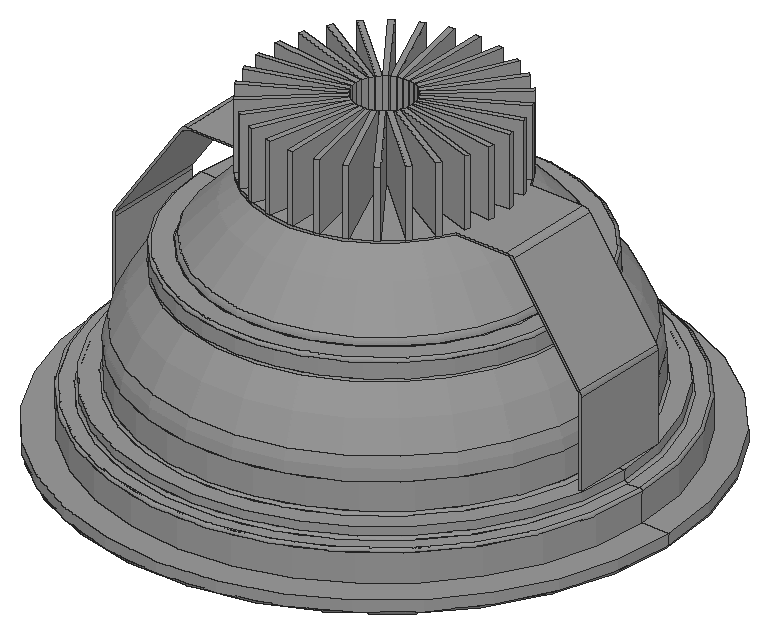
Revit family "ALL2_63_UN_Downlighter_ETK", category Lighting Fixtures, Revit 2017
Family settings
  Round Connector Dimension = Use Diameter
  Part Type = Normal
  OmniClass Number = 23.80.70.11.14.11
  OmniClass Title = Downlights
  Work Plane-Based = No
  Always vertical = Yes
  Cut with Voids When Loaded = No
  Light Source = No
  Shared = No
  Room Calculation Point = Yes
Parameters (values of type "ALL.2100.15 - 19W / 2100lm / 3000K")
  Wattage Comments = "19W"
  Voltage = 230 V
  URL = "https://www.etk.nl/?___store=en&___from_store=en"
  Symbol_Waterproof [instance] = no
  Symbol_Emergency Lighting [instance] = no
  Switch Code [instance] = ""
  Model = "ALL.2"
  Manufacturer = "ETK B.V."
  Luminaire_Ring_Material = PPS Plastic
  Luminaire_Body_Material = Aluminum 7175 T73 0 Hot Formed
  Luminaire Code [instance] = ""
  Light Source = ALL.2 - Lightsource : ALL.2100.15 - 19W / 2100lm / 3000k
  Lamp = "LED"
  IfcExportType = "USERDEFINED"
  IfcExportAs = "IfcLightFixtureType"
  Description = "Downlighter"
  Copyright © IVLighting = "www.ivlighting.nl"
  Bundle = "70°"
  Assembly Code = "63.0"
  Apparent Load = 19 VA
Types (17, lengths in mm): name | Wattage Comments | Light Source | Apparent Load
  (no name) | "19W" | ALL.2 - Lightsource : ALL.2100.15 - 19W / 2100lm / 3000k | 19 VA
  ALL.2100.15 - 19W / 2100lm / 3000K | "19W" | ALL.2 - Lightsource : ALL.2100.15 - 19W / 2100lm / 3000k | 19 VA
  ALL.2200.15 - 19W / 2200lm / 4000K | "19W" | ALL.2 - Lightsource : ALL.2200.15 - 19W / 2200lm / 4000k | 19 VA
  ALL.2300.15 - 24W / 2700lm / 3000K | "24W" | ALL.2 - Lightsource : ALL.2300.15 - 24W / 2700lm / 3000k | 24 VA
  ALL.2400.15 - 24W / 2800lm / 4000K | "24W" | ALL.2 - Lightsource : ALL.2400.15 - 24W / 2800lm / 4000k | 24 VA
  ALL.2103.15 - 19W / 2100lm / 3000K | "19W" | ALL.2 - Lightsource : ALL.2103.15 - 19W / 2100lm / 3000k | 19 VA
  ALL.2203.15 - 19W / 2200lm / 4000K | "19W" | ALL.2 - Lightsource : ALL.2203.15 - 19W / 2200lm / 4000k | 19 VA
  ALL.2303.15 - 24W / 2700lm / 3000K | "24W" | ALL.2 - Lightsource : ALL.2303.15 - 24W / 2700lm / 3000k | 24 VA
  ALL.2403.15 - 24W / 2800lm / 4000K | "24W" | ALL.2 - Lightsource : ALL.2403.15 - 24W / 2800lm / 4000k | 24 VA
  ALL.2110.15 - 19W / 2100lm / 3000K | "19W" | ALL.2 - Lightsource : ALL.2110.15 - 19W / 2100lm / 3000k | 19 VA
  ALL.2210.15 - 19W / 2200lm / 4000K | "19W" | ALL.2 - Lightsource : ALL.2210.15 - 19W / 2200lm / 4000k | 19 VA
  ALL.2310.15 - 24W / 2700lm / 3000K | "24W" | ALL.2 - Lightsource : ALL.2310.15 - 24W / 2700lm / 3000k | 24 VA
  ALL.2410.15 - 24W / 2800lm / 4000K | "24W" | ALL.2 - Lightsource : ALL.2410.15 - 24W / 2800lm / 4000k | 24 VA
  ALL.2113.15 - 19W / 2100lm / 3000K | "19W" | ALL.2 - Lightsource : ALL.2113.15 - 19W / 2100lm / 3000k | 19 VA
  ALL.2213.15 - 19W / 2200lm / 4000K | "19W" | ALL.2 - Lightsource : ALL.2213.15 - 19W / 2200lm / 4000k | 19 VA
  ALL.2313.15 - 24W / 2700lm / 3000K | "24W" | ALL.2 - Lightsource : ALL.2313.15 - 24W / 2700lm / 3000k | 24 VA
  ALL.2413.15 - 24W / 2800lm / 4000K | "24W" | ALL.2 - Lightsource : ALL.2413.15 - 24W / 2800lm / 4000k | 24 VA
Reference planes
  plane 1 "Center (Front/Back)": y = 0
  plane 2: z = 0
  plane 3 "Center (Left/Right)": x = 0
Forms (mm)
  Revolve 1, solid, material "PPS Plastic" <- "Luminaire_Ring_Material"
    sketch origin (0, 0, 0) x (1, 0, 0) y (0, 0, 1)
      loop
        line (-108.916, 0) -> (-108.916, -4.099)
        arc (-108.916, -4.099) -> (-108.406, -4.931) -> (-107.486, -5.258) r 1.461
        line (-107.486, -5.258) -> (-97.804, -5.258) -> (-97.804, 0) -> (-108.916, 0)
      axis (0, 0) -> (0, -5.258)
    angle from 0 to 360
  Revolve 2, solid, material "Aluminum 7175 T73 0 Hot Formed" <- "Luminaire_Body_Material"
    sketch origin (0, 0, 0) x (1, 0, 0) y (0, 0, 1)
      loop
        line (-98.741, 0) -> (-97.8, 0) -> (-97.8, 10.593) -> (-90.959, 10.593) -> (-90.959, 14.711) -> (-83.412, 14.711) -> (-83.412, 30.415)
        arc (-83.412, 30.415) -> (-77.825, 42.741) -> (-69.855, 53.677) r 66.418
        line (-69.855, 53.677) -> (-69.855, 60.129) -> (-63.553, 60.129) -> (0, 60.129) -> (0, 61.129) -> (-63.553, 61.129) -> (-69.836, 61.129)
        arc (-69.836, 61.129) -> (-70.557, 60.83) -> (-70.855, 60.109) r 1.02
        line (-70.855, 60.109) -> (-70.855, 54.484)
        arc (-70.855, 54.484) -> (-70.927, 54.088) -> (-71.134, 53.743) r 1.124
        arc (-71.134, 53.743) -> (-77.774, 44.767) -> (-82.842, 34.818) r 67.418
        arc (-82.842, 34.818) -> (-84.016, 30.901) -> (-84.412, 26.83) r 21.103
        line (-84.412, 26.83) -> (-84.412, 16.663)
        arc (-84.412, 16.663) -> (-84.691, 15.989) -> (-85.364, 15.711) r 0.952
        line (-85.364, 15.711) -> (-91.959, 15.711) -> (-91.959, 12.616)
        arc (-91.959, 12.616) -> (-92.258, 11.893) -> (-92.981, 11.593) r 1.022
        line (-92.981, 11.593) -> (-97.697, 11.593)
        arc (-97.697, 11.593) -> (-98.435, 11.287) -> (-98.741, 10.549) r 1.045
        line (-98.741, 10.549) -> (-98.741, 0)
      axis (0, 61.129) -> (0, 0)
    angle from 0 to 360
  Revolve 3, solid, material "Aluminum 7175 T73 0 Hot Formed" <- "Luminaire_Body_Material"
    sketch origin (0, 0, 0) x (1, 0, 0) y (0, 0, 1)
      loop
        arc (-36.339, 86.471) -> (-49.965, 76.024) -> (-61.793, 63.579) r 109.701
        arc (-61.793, 63.579) -> (-62.487, 62.326) -> (-62.707, 60.91) r 4.094
        line (-62.707, 60.91) -> (0, 60.91) -> (0, 86.471) -> (-36.339, 86.471)
      axis (0, 86.471) -> (0, 60.91)
    angle from 0 to 360
  Extrusion 4, solid, material "Aluminum 7175 T73 0 Hot Formed" <- "Luminaire_Body_Material"
    sketch origin (0, 0, 0) x (1, 0, 0) y (0, 1, 0)
      loop
        circle (0, 0) r 45
    from 86.471 to 87.3
  Extrusion 5, solid, material "UHMW, Black"
    sketch origin (0, 0, 195.137) x (-1, 0, 0) y (0, -1, 0)
      loop
        line (-0.938, -10.632) -> (-0.938, -44.99)
        arc (-0.938, -44.99) -> (0, -45) -> (0.938, -44.99) r 45
        line (0.938, -44.99) -> (0.938, -10.681)
        arc (0.938, -10.681) -> (0, -10.671) -> (-0.938, -10.632) r 29.304
    from -107.837 to -82.548
  Extrusion 6, solid, material "UHMW, Black"
    sketch origin (0, 0, 195.137) x (-0.978148, -0.207912, 0) y (0.207912, -0.978148, 0)
      loop
        line (-0.938, -10.632) -> (-0.938, -44.99)
        arc (-0.938, -44.99) -> (0, -45) -> (0.938, -44.99) r 45
        line (0.938, -44.99) -> (0.938, -10.681)
        arc (0.938, -10.681) -> (0, -10.671) -> (-0.938, -10.632) r 29.304
    from -107.837 to -82.548
  Extrusion 7, solid, material "UHMW, Black"
    sketch origin (0, 0, 195.137) x (-0.978148, 0.207912, 0) y (-0.207912, -0.978148, 0)
      loop
        line (-0.938, -10.632) -> (-0.938, -44.99)
        arc (-0.938, -44.99) -> (0, -45) -> (0.938, -44.99) r 45
        line (0.938, -44.99) -> (0.938, -10.681)
        arc (0.938, -10.681) -> (0, -10.671) -> (-0.938, -10.632) r 29.304
    from -107.837 to -82.548
  Extrusion 8, solid, material "UHMW, Black"
    sketch origin (0, 0, 195.137) x (-0.913545, 0.406737, 0) y (-0.406737, -0.913545, 0)
      loop
        line (-0.938, -10.632) -> (-0.938, -44.99)
        arc (-0.938, -44.99) -> (0, -45) -> (0.938, -44.99) r 45
        line (0.938, -44.99) -> (0.938, -10.681)
        arc (0.938, -10.681) -> (0, -10.671) -> (-0.938, -10.632) r 29.304
    from -107.837 to -82.548
  Extrusion 9, solid, material "UHMW, Black"
    sketch origin (0, 0, 195.137) x (-0.809017, 0.587785, 0) y (-0.587785, -0.809017, 0)
      loop
        line (-0.938, -10.632) -> (-0.938, -44.99)
        arc (-0.938, -44.99) -> (0, -45) -> (0.938, -44.99) r 45
        line (0.938, -44.99) -> (0.938, -10.681)
        arc (0.938, -10.681) -> (0, -10.671) -> (-0.938, -10.632) r 29.304
    from -107.837 to -82.548
  Extrusion 10, solid, material "UHMW, Black"
    sketch origin (0, 0, 195.137) x (-0.669131, 0.743145, 0) y (-0.743145, -0.669131, 0)
      loop
        line (-0.938, -10.632) -> (-0.938, -44.99)
        arc (-0.938, -44.99) -> (0, -45) -> (0.938, -44.99) r 45
        line (0.938, -44.99) -> (0.938, -10.681)
        arc (0.938, -10.681) -> (0, -10.671) -> (-0.938, -10.632) r 29.304
    from -107.837 to -82.548
  Extrusion 11, solid, material "UHMW, Black"
    sketch origin (0, 0, 195.137) x (-0.5, 0.866025, 0) y (-0.866025, -0.5, 0)
      loop
        line (-0.938, -10.632) -> (-0.938, -44.99)
        arc (-0.938, -44.99) -> (0, -45) -> (0.938, -44.99) r 45
        line (0.938, -44.99) -> (0.938, -10.681)
        arc (0.938, -10.681) -> (0, -10.671) -> (-0.938, -10.632) r 29.304
    from -107.837 to -82.548
  Extrusion 12, solid, material "UHMW, Black"
    sketch origin (0, 0, 195.137) x (-0.309017, 0.951057, 0) y (-0.951057, -0.309017, 0)
      loop
        line (-0.938, -10.632) -> (-0.938, -44.99)
        arc (-0.938, -44.99) -> (0, -45) -> (0.938, -44.99) r 45
        line (0.938, -44.99) -> (0.938, -10.681)
        arc (0.938, -10.681) -> (0, -10.671) -> (-0.938, -10.632) r 29.304
    from -107.837 to -82.548
  Extrusion 13, solid, material "UHMW, Black"
    sketch origin (0, 0, 195.137) x (-0.104528, 0.994522, 0) y (-0.994522, -0.104528, 0)
      loop
        line (-0.938, -10.632) -> (-0.938, -44.99)
        arc (-0.938, -44.99) -> (0, -45) -> (0.938, -44.99) r 45
        line (0.938, -44.99) -> (0.938, -10.681)
        arc (0.938, -10.681) -> (0, -10.671) -> (-0.938, -10.632) r 29.304
    from -107.837 to -82.548
  Extrusion 14, solid, material "UHMW, Black"
    sketch origin (0, 0, 195.137) x (0.104528, 0.994522, 0) y (-0.994522, 0.104528, 0)
      loop
        line (-0.938, -10.632) -> (-0.938, -44.99)
        arc (-0.938, -44.99) -> (0, -45) -> (0.938, -44.99) r 45
        line (0.938, -44.99) -> (0.938, -10.681)
        arc (0.938, -10.681) -> (0, -10.671) -> (-0.938, -10.632) r 29.304
    from -107.837 to -82.548
  Extrusion 15, solid, material "UHMW, Black"
    sketch origin (0, 0, 195.137) x (0.309017, 0.951057, 0) y (-0.951057, 0.309017, 0)
      loop
        line (-0.938, -10.632) -> (-0.938, -44.99)
        arc (-0.938, -44.99) -> (0, -45) -> (0.938, -44.99) r 45
        line (0.938, -44.99) -> (0.938, -10.681)
        arc (0.938, -10.681) -> (0, -10.671) -> (-0.938, -10.632) r 29.304
    from -107.837 to -82.548
  Extrusion 16, solid, material "UHMW, Black"
    sketch origin (0, 0, 195.137) x (0.5, 0.866025, 0) y (-0.866025, 0.5, 0)
      loop
        line (-0.938, -10.632) -> (-0.938, -44.99)
        arc (-0.938, -44.99) -> (0, -45) -> (0.938, -44.99) r 45
        line (0.938, -44.99) -> (0.938, -10.681)
        arc (0.938, -10.681) -> (0, -10.671) -> (-0.938, -10.632) r 29.304
    from -107.837 to -82.548
  Extrusion 17, solid, material "UHMW, Black"
    sketch origin (0, 0, 195.137) x (0.669131, 0.743145, 0) y (-0.743145, 0.669131, 0)
      loop
        line (-0.938, -10.632) -> (-0.938, -44.99)
        arc (-0.938, -44.99) -> (0, -45) -> (0.938, -44.99) r 45
        line (0.938, -44.99) -> (0.938, -10.681)
        arc (0.938, -10.681) -> (0, -10.671) -> (-0.938, -10.632) r 29.304
    from -107.837 to -82.548
  Extrusion 18, solid, material "UHMW, Black"
    sketch origin (0, 0, 195.137) x (0.809017, 0.587785, 0) y (-0.587785, 0.809017, 0)
      loop
        line (-0.938, -10.632) -> (-0.938, -44.99)
        arc (-0.938, -44.99) -> (0, -45) -> (0.938, -44.99) r 45
        line (0.938, -44.99) -> (0.938, -10.681)
        arc (0.938, -10.681) -> (0, -10.671) -> (-0.938, -10.632) r 29.304
    from -107.837 to -82.548
  Extrusion 19, solid, material "UHMW, Black"
    sketch origin (0, 0, 195.137) x (0.913545, 0.406737, 0) y (-0.406737, 0.913545, 0)
      loop
        line (-0.938, -10.632) -> (-0.938, -44.99)
        arc (-0.938, -44.99) -> (0, -45) -> (0.938, -44.99) r 45
        line (0.938, -44.99) -> (0.938, -10.681)
        arc (0.938, -10.681) -> (0, -10.671) -> (-0.938, -10.632) r 29.304
    from -107.837 to -82.548
  Extrusion 20, solid, material "UHMW, Black"
    sketch origin (0, 0, 195.137) x (0.978148, 0.207912, 0) y (-0.207912, 0.978148, 0)
      loop
        line (-0.938, -10.632) -> (-0.938, -44.99)
        arc (-0.938, -44.99) -> (0, -45) -> (0.938, -44.99) r 45
        line (0.938, -44.99) -> (0.938, -10.681)
        arc (0.938, -10.681) -> (0, -10.671) -> (-0.938, -10.632) r 29.304
    from -107.837 to -82.548
  Extrusion 21, solid, material "UHMW, Black"
    sketch origin (0, 0, 195.137) x (1, 0, 0) y (0, 1, 0)
      loop
        line (-0.938, -10.632) -> (-0.938, -44.99)
        arc (-0.938, -44.99) -> (0, -45) -> (0.938, -44.99) r 45
        line (0.938, -44.99) -> (0.938, -10.681)
        arc (0.938, -10.681) -> (0, -10.671) -> (-0.938, -10.632) r 29.304
    from -107.837 to -82.548
  Extrusion 22, solid, material "UHMW, Black"
    sketch origin (0, 0, 195.137) x (0.978148, -0.207912, 0) y (0.207912, 0.978148, 0)
      loop
        line (-0.938, -10.632) -> (-0.938, -44.99)
        arc (-0.938, -44.99) -> (0, -45) -> (0.938, -44.99) r 45
        line (0.938, -44.99) -> (0.938, -10.681)
        arc (0.938, -10.681) -> (0, -10.671) -> (-0.938, -10.632) r 29.304
    from -107.837 to -82.548
  Extrusion 23, solid, material "UHMW, Black"
    sketch origin (0, 0, 195.137) x (0.913545, -0.406737, 0) y (0.406737, 0.913545, 0)
      loop
        line (-0.938, -10.632) -> (-0.938, -44.99)
        arc (-0.938, -44.99) -> (0, -45) -> (0.938, -44.99) r 45
        line (0.938, -44.99) -> (0.938, -10.681)
        arc (0.938, -10.681) -> (0, -10.671) -> (-0.938, -10.632) r 29.304
    from -107.837 to -82.548
  Extrusion 24, solid, material "UHMW, Black"
    sketch origin (0, 0, 195.137) x (0.809017, -0.587785, 0) y (0.587785, 0.809017, 0)
      loop
        line (-0.938, -10.632) -> (-0.938, -44.99)
        arc (-0.938, -44.99) -> (0, -45) -> (0.938, -44.99) r 45
        line (0.938, -44.99) -> (0.938, -10.681)
        arc (0.938, -10.681) -> (0, -10.671) -> (-0.938, -10.632) r 29.304
    from -107.837 to -82.548
  Extrusion 25, solid, material "UHMW, Black"
    sketch origin (0, 0, 195.137) x (0.669131, -0.743145, 0) y (0.743145, 0.669131, 0)
      loop
        line (-0.938, -10.632) -> (-0.938, -44.99)
        arc (-0.938, -44.99) -> (0, -45) -> (0.938, -44.99) r 45
        line (0.938, -44.99) -> (0.938, -10.681)
        arc (0.938, -10.681) -> (0, -10.671) -> (-0.938, -10.632) r 29.304
    from -107.837 to -82.548
  Extrusion 26, solid, material "UHMW, Black"
    sketch origin (0, 0, 195.137) x (0.5, -0.866025, 0) y (0.866025, 0.5, 0)
      loop
        line (-0.938, -10.632) -> (-0.938, -44.99)
        arc (-0.938, -44.99) -> (0, -45) -> (0.938, -44.99) r 45
        line (0.938, -44.99) -> (0.938, -10.681)
        arc (0.938, -10.681) -> (0, -10.671) -> (-0.938, -10.632) r 29.304
    from -107.837 to -82.548
  Extrusion 27, solid, material "UHMW, Black"
    sketch origin (0, 0, 195.137) x (0.309017, -0.951057, 0) y (0.951057, 0.309017, 0)
      loop
        line (-0.938, -10.632) -> (-0.938, -44.99)
        arc (-0.938, -44.99) -> (0, -45) -> (0.938, -44.99) r 45
        line (0.938, -44.99) -> (0.938, -10.681)
        arc (0.938, -10.681) -> (0, -10.671) -> (-0.938, -10.632) r 29.304
    from -107.837 to -82.548
  Extrusion 28, solid, material "UHMW, Black"
    sketch origin (0, 0, 195.137) x (0.104528, -0.994522, 0) y (0.994522, 0.104528, 0)
      loop
        line (-0.938, -10.632) -> (-0.938, -44.99)
        arc (-0.938, -44.99) -> (0, -45) -> (0.938, -44.99) r 45
        line (0.938, -44.99) -> (0.938, -10.681)
        arc (0.938, -10.681) -> (0, -10.671) -> (-0.938, -10.632) r 29.304
    from -107.837 to -82.548
  Extrusion 29, solid, material "UHMW, Black"
    sketch origin (0, 0, 195.137) x (-0.104528, -0.994522, 0) y (0.994522, -0.104528, 0)
      loop
        line (-0.938, -10.632) -> (-0.938, -44.99)
        arc (-0.938, -44.99) -> (0, -45) -> (0.938, -44.99) r 45
        line (0.938, -44.99) -> (0.938, -10.681)
        arc (0.938, -10.681) -> (0, -10.671) -> (-0.938, -10.632) r 29.304
    from -107.837 to -82.548
  Extrusion 30, solid, material "UHMW, Black"
    sketch origin (0, 0, 195.137) x (-0.309017, -0.951057, 0) y (0.951057, -0.309017, 0)
      loop
        line (-0.938, -10.632) -> (-0.938, -44.99)
        arc (-0.938, -44.99) -> (0, -45) -> (0.938, -44.99) r 45
        line (0.938, -44.99) -> (0.938, -10.681)
        arc (0.938, -10.681) -> (0, -10.671) -> (-0.938, -10.632) r 29.304
    from -107.837 to -82.548
  Extrusion 31, solid, material "UHMW, Black"
    sketch origin (0, 0, 195.137) x (-0.5, -0.866025, 0) y (0.866025, -0.5, 0)
      loop
        line (-0.938, -10.632) -> (-0.938, -44.99)
        arc (-0.938, -44.99) -> (0, -45) -> (0.938, -44.99) r 45
        line (0.938, -44.99) -> (0.938, -10.681)
        arc (0.938, -10.681) -> (0, -10.671) -> (-0.938, -10.632) r 29.304
    from -107.837 to -82.548
  Extrusion 32, solid, material "UHMW, Black"
    sketch origin (0, 0, 195.137) x (-0.669131, -0.743145, 0) y (0.743145, -0.669131, 0)
      loop
        line (-0.938, -10.632) -> (-0.938, -44.99)
        arc (-0.938, -44.99) -> (0, -45) -> (0.938, -44.99) r 45
        line (0.938, -44.99) -> (0.938, -10.681)
        arc (0.938, -10.681) -> (0, -10.671) -> (-0.938, -10.632) r 29.304
    from -107.837 to -82.548
  Extrusion 33, solid, material "UHMW, Black"
    sketch origin (0, 0, 195.137) x (-0.809017, -0.587785, 0) y (0.587785, -0.809017, 0)
      loop
        line (-0.938, -10.632) -> (-0.938, -44.99)
        arc (-0.938, -44.99) -> (0, -45) -> (0.938, -44.99) r 45
        line (0.938, -44.99) -> (0.938, -10.681)
        arc (0.938, -10.681) -> (0, -10.671) -> (-0.938, -10.632) r 29.304
    from -107.837 to -82.548
  Extrusion 34, solid, material "UHMW, Black"
    sketch origin (0, 0, 195.137) x (-0.913545, -0.406737, 0) y (0.406737, -0.913545, 0)
      loop
        line (-0.938, -10.632) -> (-0.938, -44.99)
        arc (-0.938, -44.99) -> (0, -45) -> (0.938, -44.99) r 45
        line (0.938, -44.99) -> (0.938, -10.681)
        arc (0.938, -10.681) -> (0, -10.671) -> (-0.938, -10.632) r 29.304
    from -107.837 to -82.548
  Extrusion 35, solid, material "Aluminum 7175 T73 0 Hot Formed" <- "Luminaire_Body_Material"
    sketch origin (0.938, 0, 0) x (1, 0, 0) y (0, 0, 1)
      loop
        line (-90.709, 14.711) -> (-89.709, 14.711) -> (-89.709, 47.263)
        arc (-89.709, 47.263) -> (-89.547, 48.318) -> (-89.074, 49.276) r 3.51
        line (-89.074, 49.276) -> (-63.792, 85.382)
        arc (-63.792, 85.382) -> (-62.879, 86.183) -> (-61.7, 86.471) r 2.554
        line (-61.7, 86.471) -> (-36.836, 86.471) -> (-36.836, 87.3) -> (-62.068, 87.3)
        arc (-62.068, 87.3) -> (-63.489, 86.952) -> (-64.589, 85.988) r 3.078
        line (-64.589, 85.988) -> (-90.082, 49.58)
        arc (-90.082, 49.58) -> (-90.549, 48.634) -> (-90.709, 47.591) r 3.468
        line (-90.709, 47.591) -> (-90.709, 14.711)
    from -18.722 to 17.678
  Extrusion 36, solid, material "Aluminum 7175 T73 0 Hot Formed" <- "Luminaire_Body_Material"
    sketch origin (-0.938, 0, 0) x (-1, 0, 0) y (0, 0, -1)
      loop
        line (-90.709, -14.711) -> (-90.709, -47.591)
        arc (-90.709, -47.591) -> (-90.549, -48.634) -> (-90.082, -49.58) r 3.468
        line (-90.082, -49.58) -> (-64.589, -85.988)
        arc (-64.589, -85.988) -> (-63.489, -86.952) -> (-62.068, -87.3) r 3.078
        line (-62.068, -87.3) -> (-36.836, -87.3) -> (-36.836, -86.471) -> (-61.7, -86.471)
        arc (-61.7, -86.471) -> (-62.879, -86.183) -> (-63.792, -85.382) r 2.554
        line (-63.792, -85.382) -> (-89.074, -49.276)
        arc (-89.074, -49.276) -> (-89.547, -48.318) -> (-89.709, -47.263) r 3.51
        line (-89.709, -47.263) -> (-89.709, -14.711) -> (-90.709, -14.711)
    from -18.722 to 17.678
  Revolve 37, solid, material "PPS Plastic"
    sketch origin (0, 0, 0) x (1, 0, 0) y (0, 0, 1)
      loop
        arc (-61.908, 31.25) -> (-81.159, 16.629) -> (-98.212, -0.504) r 175.119
        line (-98.212, -0.504) -> (-98.212, -1.729)
        arc (-98.212, -1.729) -> (-81.093, 15.622) -> (-61.721, 30.415) r 174.319
        line (-61.721, 30.415) -> (0, 30.415) -> (0, 31.25) -> (-61.908, 31.25)
      axis (0, 31.25) -> (0, -1.729)
    angle from 0 to 360
  Revolve 38, solid, material "Glass, White, High Luminance"
    sketch origin (0, 0, 0) x (1, 0, 0) y (0, 0, 1)
      loop
        line (-63.082, 29.507) -> (0, 29.507) -> (0, 30.415) -> (-61.721, 30.415)
        arc (-61.721, 30.415) -> (-62.416, 29.983) -> (-63.082, 29.507) r 12.642
      axis (0, 30.415) -> (0, 29.415)
    angle from 0 to 360
Cuts and joins
  joined: Revolve 2, Revolve 3, Extrusion 4, Extrusion 35, Extrusion 36
Dimensions and locks
  aligned and locked: level to plane 2
Nested families
  nested 1: "ALL.2 - Lightsource" at (0, 0, 0), type <- "Light Source", type "ALL.2100.15 - 19W / 2100lm / 3000k"
  nested 2: "ALL.2 Light_Symbol_IVL" at (0, 0, 0), type "Lighting Fixture - Round"
Connectors
  electrical at (0, 0.522, 87.3), driven by "Apparent Load", driven by "Voltage"
    settings: on cut or joined group of Revolve 2, Revolve 3, Extrusion 4, Extrusion 35, Extrusion 36, index 1, voltage 230 V, apparent load 0 VA, apparent load phase1 19 VA, apparent load phase2 0 VA, apparent load phase3 0 VA, power factor 1, load classification "Lighting", number of poles 1, system type 31, power factor state 1, is connector primary yes, connector utility no, sub classification motor no, connector description ""
Definition of nested family "ALL.2 - Lightsource"
  Parameters (values of type "ALL.2100.15 - 19W / 2100lm / 3000k")
    Wattage Comments = "19W"
    Wattage = 14.1374 W
    built-in parameter 1150110 = 1 (stored number, unit not read)
    URL = "https://www.etk.nl/?___store=en&___from_store=nl"
    built-in parameter 1114217 = 1 (stored number, unit not read)
    Tilt Angle = 90.00°
    built-in parameter 1150109 = 1 (stored number, unit not read)
    built-in parameter 1150134 = (empty or 0)
    built-in parameter 1150113 = 1 (stored number, unit not read)
    Photometric Web File = "ALL.2100.15_LDT.ies"
    Model = "ALL.2"
    Manufacturer = "ETK B.V."
    built-in parameter 1150105 = 167.11 (stored number, unit not read)
    Lumens = 2100 lm
    built-in parameter 1150115 = 1 (stored number, unit not read)
    built-in parameter 1150137 = (empty or 0)
    built-in parameter 1150139 = (empty or 0)
    built-in parameter 1150112 = 1 (stored number, unit not read)
    built-in parameter 1150114 = 1 (stored number, unit not read)
    Lamp = "LED"
    built-in parameter 1150132 = 2
    built-in parameter 1150102 = (empty or 0)
    built-in parameter 1150107 = 3000 (stored number, unit not read)
    built-in parameter 1150138 = (empty or 0)
    built-in parameter 1150106 = 1.6711 (stored number, unit not read)
    built-in parameter 1150104 = 13.8 (stored number, unit not read)
    Dimming Lamp Color Temperature Shift = (empty or 0)
    Description = "Light sources"
    Copyright © IVLighting = "www.ivlighting.nl"
    Color Filter = 16777215
    Bundle = "70°"
    built-in parameter 1114218 = 1 (stored number, unit not read)
    built-in parameter 1150133 = 10 (stored number, unit not read)
    Assembly Code = "63.0"
    Apparent Load = 19 VA
  Types (16, lengths in mm): name | Wattage Comments | Wattage | built-in parameter 1150134 | Photometric Web File | built-in parameter 1150105 | Lumens | built-in parameter 1150107 | built-in parameter 1150106 | Apparent Load
    ALL.2100.15 - 19W / 2100lm / 3000k | "19W" | 14.1374 W | (empty or 0) | "ALL.2100.15_LDT.ies" | 167.11 (stored number, unit not read) | 2100 lm | 3000 (stored number, unit not read) | 1.6711 (stored number, unit not read) | 19 VA
    ALL.2200.15 - 19W / 2200lm / 4000k | "19W" | 14.8106 W | 12 | "ALL.2200.15_LDT.ies" | 828.34 (stored number, unit not read) | 2200 lm | 4000 (stored number, unit not read) | 8.2834 (stored number, unit not read) | 19 VA
    ALL.2300.15 - 24W / 2700lm / 3000k | "24W" | 18.1767 W | (empty or 0) | "ALL.2200.15_LDT.ies" | 970.39 (stored number, unit not read) | 2700 lm | 3000 (stored number, unit not read) | 9.7039 (stored number, unit not read) | 24 VA
    ALL.2400.15 - 24W / 2800lm / 4000k | "24W" | 18.8499 W | 12 | "ALL.2200.15_LDT.ies" | 1006.3 (stored number, unit not read) | 2800 lm | 4000 (stored number, unit not read) | 10.063 (stored number, unit not read) | 24 VA
    ALL.2103.15 - 19W / 2100lm / 3000k | "19W" | 14.1374 W | (empty or 0) | "ALL.2103.15_LDT.ies" | 167.11 (stored number, unit not read) | 2100 lm | 3000 (stored number, unit not read) | 1.6711 (stored number, unit not read) | 19 VA
    ALL.2203.15 - 19W / 2200lm / 4000k | "19W" | 14.8106 W | 12 | "ALL.2203.15_LDT.ies" | 828.34 (stored number, unit not read) | 2200 lm | 4000 (stored number, unit not read) | 8.2834 (stored number, unit not read) | 19 VA
    ALL.2303.15 - 24W / 2700lm / 3000k | "24W" | 18.1767 W | (empty or 0) | "ALL.2303.15_LDT.ies" | 970.39 (stored number, unit not read) | 2700 lm | 3000 (stored number, unit not read) | 9.7039 (stored number, unit not read) | 24 VA
    ALL.2403.15 - 24W / 2800lm / 4000k | "24W" | 18.8499 W | 12 | "ALL.2403.15_LDT.ies" | 1006.3 (stored number, unit not read) | 2800 lm | 4000 (stored number, unit not read) | 10.063 (stored number, unit not read) | 24 VA
    ALL.2110.15 - 19W / 2100lm / 3000k | "19W" | 14.1374 W | (empty or 0) | "ALL.2110.15_LDT.ies" | 167.11 (stored number, unit not read) | 2100 lm | 3000 (stored number, unit not read) | 1.6711 (stored number, unit not read) | 19 VA
    ALL.2210.15 - 19W / 2200lm / 4000k | "19W" | 14.8106 W | 12 | "ALL.2210.15_LDT.ies" | 828.34 (stored number, unit not read) | 2200 lm | 4000 (stored number, unit not read) | 8.2834 (stored number, unit not read) | 19 VA
    ALL.2310.15 - 24W / 2700lm / 3000k | "24W" | 18.1767 W | (empty or 0) | "ALL.2310.15_LDT.ies" | 970.39 (stored number, unit not read) | 2700 lm | 3000 (stored number, unit not read) | 9.7039 (stored number, unit not read) | 24 VA
    ALL.2410.15 - 24W / 2800lm / 4000k | "24W" | 18.8499 W | 12 | "ALL.2410.15_LDT.ies" | 1006.3 (stored number, unit not read) | 2800 lm | 4000 (stored number, unit not read) | 10.063 (stored number, unit not read) | 24 VA
    ALL.2113.15 - 19W / 2100lm / 3000k | "19W" | 14.1374 W | (empty or 0) | "ALL.2113.15_LDT.ies" | 167.11 (stored number, unit not read) | 2100 lm | 3000 (stored number, unit not read) | 1.6711 (stored number, unit not read) | 19 VA
    ALL.2213.15 - 19W / 2200lm / 4000k | "19W" | 14.8106 W | 12 | "ALL.2213.15_LDT.ies" | 828.34 (stored number, unit not read) | 2200 lm | 4000 (stored number, unit not read) | 8.2834 (stored number, unit not read) | 19 VA
    ALL.2313.15 - 24W / 2700lm / 3000k | "24W" | 18.1767 W | (empty or 0) | "ALL.2313.15_LDT.ies" | 970.39 (stored number, unit not read) | 2700 lm | 3000 (stored number, unit not read) | 9.7039 (stored number, unit not read) | 24 VA
    ALL.2413.15 - 24W / 2800lm / 4000k | "24W" | 18.8499 W | 12 | "ALL.2413.15_LDT.ies" | 1006.3 (stored number, unit not read) | 2800 lm | 4000 (stored number, unit not read) | 10.063 (stored number, unit not read) | 24 VA
  Reference planes
    plane 1 "Center (Front/Back)": y = 0
    plane 2: z = 0
    plane 3 "Center (Left/Right)": x = 0
  Dimensions and locks
    aligned and locked: level to plane 2
Definition of nested family "ALL.2 Light_Symbol_IVL"
  Parameters (values of type "Lighting Fixture - Round")
    Waterproof = no
    Lighting Fixture = yes
    Emergency Lighting = no
  Types (3, lengths in mm): name | Waterproof | Emergency Lighting
    Lighting Fixture - Round | no | no
    Lighting Fixture Round - Emergency Lighting | no | yes
    Lighting Fixture Round - Waterproof | yes | no
  Reference planes
    plane 1: y = 0
    plane 2: x = 0
  Lines and regions (mm)
    Filled region 1, type "Emergency Lighting", visible <- "Waterproof"
      outline origin (5.15, 1.04, 0) x (1, 0, 0) y (0, 1, 0)
        loop
          arc (-6.187, -1.34) -> (-5.15, -2.12) -> (-4.113, -1.34) r 1.08
          line (-4.113, -1.34) -> (-6.187, -1.34)
    Filled region 2, type "Emergency Lighting", visible <- "Emergency Lighting"
      outline origin (-5.15, 1.04, 0) x (0, 1, 0) y (-1, 0, 0)
        loop
          line (-1.04, -5.15) -> (-1.804, -5.914)
          arc (-1.804, -5.914) -> (-1.04, -6.23) -> (-0.277, -5.914) r 1.08
          line (-0.277, -5.914) -> (-1.04, -5.15)
    Filled region 3, type "Emergency Lighting", visible <- "Emergency Lighting"
      outline origin (5.15, 1.04, 0) x (1, 0, 0) y (0, 1, 0)
        loop
          line (-5.15, -1.04) -> (-5.914, -0.277)
          arc (-5.914, -0.277) -> (-6.23, -1.04) -> (-5.914, -1.804) r 1.08
          line (-5.914, -1.804) -> (-5.15, -1.04)
    detail lines, visible <- "Lighting Fixture"
      curve 1: circle (0, 0, 0) r 1.08 normal (0, 0, 1)
    detail lines, not visible
      curve 2: line (1.037, -0.3, 0) -> (-1.037, -0.3, 0)
    detail lines, visible <- "Waterproof"
      curve 3: circle (0, 0, 0) r 1.08 normal (0, 0, 1)
    detail lines, visible <- "Emergency Lighting"
      curve 4: circle (0, 0, 0) r 1.08 normal (0, 0, 1)
